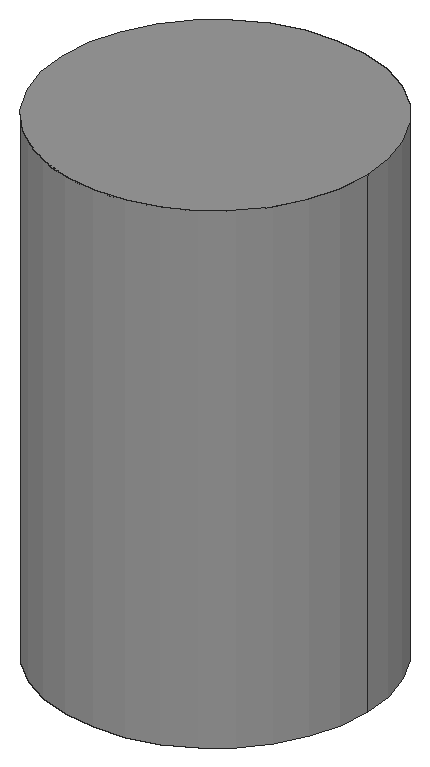
Revit family "REX_2_18W_4000K_1872LM", category Lighting Fixtures, host Ceiling, Revit 2021
Family settings
  Host = Ceiling
  Round Connector Dimension = Use Diameter
  Part Type = Normal
  OmniClass Number = 23.80.70.11
  OmniClass Title = Luminaries for Internal Lighting
  Always vertical = Yes
  Cut with Voids When Loaded = No
  Light Source = Yes
  Shared = No
  Room Calculation Point = No
Parameters (values of type "Type 1")
  Wattage = 12.6025 W
  built-in parameter 1150110 = 1 (stored number, unit not read)
  Type de lampe = "LED XC18-COB Bridgelux 2630"
  Type = "Downlight"
  built-in parameter 1114217 = 1 (stored number, unit not read)
  Tilt Angle = 90.00°
  built-in parameter 1150109 = 1 (stored number, unit not read)
  built-in parameter 1150134 = 12
  built-in parameter 1150113 = 1 (stored number, unit not read)
  SDCM = "3"
  Puissance nominale = "18W"
  Photometric Web File = "google_eulumdat_converter (25).ies"
  Matériau = "Acier"
  Maintien du flux = "L80B10 (50 000 heures)"
  Lumens = 1872 lm
  built-in parameter 1150115 = 1 (stored number, unit not read)
  built-in parameter 1150105 = 148.97 (stored number, unit not read)
  built-in parameter 1150137 = (empty or 0)
  built-in parameter 1150139 = (empty or 0)
  built-in parameter 1150112 = 1 (stored number, unit not read)
  built-in parameter 1150114 = 1 (stored number, unit not read)
  built-in parameter 1150132 = 2
  built-in parameter 1150102 = (empty or 0)
  built-in parameter 1150138 = (empty or 0)
  built-in parameter 1150107 = 4000 (stored number, unit not read)
  built-in parameter 1150106 = 1.4897 (stored number, unit not read)
  IRC = ">90"
  Fintion = "Blanc et réflecteur chrome"
  built-in parameter 1150104 = 13.8 (stored number, unit not read)
  Durée de vie = "50 000 heures"
  Driver = "Driver Lifud TUV CE RCM CCC"
  Dimming Lamp Color Temperature Shift = <None>
  Dimensions = "Ø 95 mm, H = 150 mm"
  Default Elevation = 0 mm
  Color Filter = 16777215
  built-in parameter 1114218 = 1 (stored number, unit not read)
  built-in parameter 1150133 = 10 (stored number, unit not read)
  Angle d'éclairage = "45°"
  Alimentation luminaire = "AC 220-240V"
Reference planes
  plane 1 "Light Source Axis (F/B)": y = 0
  plane 2: z = 0
  plane 3 "Light Source Axis (L/R)": x = 0
  plane 4 "Ceiling": z = 4000
  plane 5 "Light Source Elevation": z = 3851.516
Forms (mm)
  Extrusion 1, solid, material "Steel, Paint Finish, Ivory, Matte"
    sketch origin (0, 0, 4000) x (0, 1, 0) y (-1, 0, 0)
      loop
        circle (0, 0) r 47.5
    from -150 to 0
  Revolve 2, void
    sketch origin (0, 0, 0) x (1, 0, 0) y (0, 0, 1)
      loop
        line (0, 3845) -> (39.118, 3845)
        arc (39.118, 3845) -> (28.453, 3875.232) -> (0, 3890) r 43.601
        line (0, 3890) -> (0, 3845)
      axis (0, 3890) -> (0, 3845)
    angle from 0 to 360
  Extrusion 3, solid, material "Glass, White, High Luminance"
    sketch origin (0, 0, 4000) x (0, 1, 0) y (-1, 0, 0)
      loop
        circle (0, 0) r 20
    from -121.972 to -108.669
Cuts and joins
  Revolve 2 cuts Extrusion 1
Lines and regions (mm)
  reference lines
    curve 1: line (0, 0, 4000) -> (33.588, 33.588, 4000)
    curve 2: line (0, 0, 4000) -> (0, 0, 3850)
Dimensions and locks
  equal spacing: host sketch curve, plane 3 "Light Source Axis (L/R)", host sketch curve
  equal spacing: host sketch curve, plane 1 "Light Source Axis (F/B)", host sketch curve
  host sketch curve to host sketch curve = 4000 mm  (x2)
  plane 4 "Ceiling" to host ceiling = 0 mm
  aligned and locked: plane 1 "Light Source Axis (F/B)" to imposter light
  aligned and locked: plane 5 "Light Source Elevation" to imposter light
